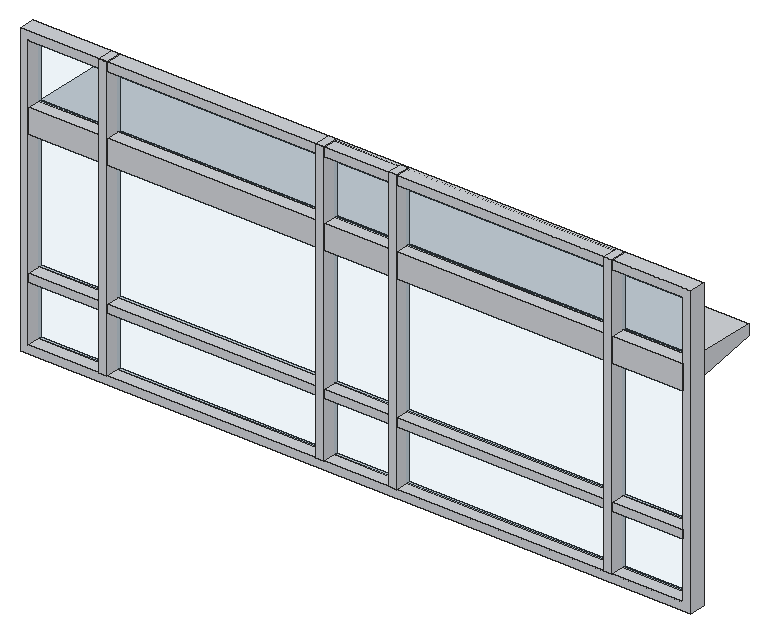
Revit family
Parameters (values of type "패밀리2")
  Assembly Code = ""
  Height = 2200 mm
  Default Sill Height = 800 mm
  Wall Closure = (empty or 0)
  Width = 5100 mm
Reference planes
  plane 1: y = 0
  plane 2 "Center (Left/Right)": x = 750
  plane 3 "Left": x = -1800
  plane 4 "Right": x = 3300
  plane 5 "Sill": z = 900
  plane 6 "Head": z = 3100
  plane 7 "Exterior": y = 75
  plane 8 "Interior": y = -75
  plane 9 "Slash": y = 45
  plane 10: x = -1200
  plane 11: x = 2700
  plane 12: x = 2700
  plane 13: x = -1200
  plane 14: x = 450
  plane 15: x = 4350
  plane 16: x = 1000
  plane 17: x = 4900
  plane 18: z = 1450
  plane 19: z = 2580
  plane 20 "glazing": y = 15
Forms (mm)
  Sweep 1, solid
    path origin (0, 75, 0) x (1, 0, 0) y (0, 0, 1)
      loop
        line (3300, 3100) -> (-1800, 3100) -> (-1800, 900) -> (3300, 900) -> (3300, 3100)
    profile origin (750, 75, 3100) x (0, 0, -1) y (0, -1, 0)
      loop
        line (0, 150) -> (0, 30) -> (60, 30) -> (60, 150) -> (0, 150)
  Extrusion 2, solid
    sketch origin (0, 0, 0) x (1, 0, 0) y (0, 1, 0)
      loop
        line (-1200, -75) -> (-1140, -75) -> (-1140, 45) -> (-1200, 45) -> (-1200, -75)
    from 960 to 3100
  Extrusion 3, solid
    sketch origin (1500, 0, 0) x (-1, 0, 0) y (0, -1, 0)
      loop
        line (-1200, 75) -> (-1200, -45) -> (-1140, -45) -> (-1140, 75) -> (-1200, 75)
    from 960 to 3100
  Extrusion 4, solid
    sketch origin (1650, 0, 0) x (1, 0, 0) y (0, 1, 0)
      loop
        line (-1200, -75) -> (-1140, -75) -> (-1140, 45) -> (-1200, 45) -> (-1200, -75)
    from 960 to 3100
  Extrusion 5, solid
    sketch origin (2200, 0, 0) x (1, 0, 0) y (0, 1, 0)
      loop
        line (-1200, -75) -> (-1140, -75) -> (-1140, 45) -> (-1200, 45) -> (-1200, -75)
    from 960 to 3100
  Extrusion 6, solid
    sketch origin (3300, 0, 0) x (0, -1, 0) y (0, 0, 1)
      loop
        line (75, 1450) -> (-45, 1450) -> (-45, 1390) -> (75, 1390) -> (75, 1450)
    from 60 to 5040
  Extrusion 7, solid
    sketch origin (3300, 0, 1130) x (0, -1, 0) y (0, 0, 1)
      loop
        line (75, 1450) -> (-45, 1450) -> (-45, 1270) -> (75, 1270) -> (75, 1450)
    from 60 to 5040
  Extrusion 8, solid, material "Glass"
    sketch origin (0, 15, 0) x (0, 0, -1) y (1, 0, 0)
      loop
        line (-3040, 3240) -> (-3040, 2700) -> (-2580, 2700) -> (-2580, 3240) -> (-3040, 3240)
      loop
        line (-2400, 3240) -> (-2400, 2700) -> (-1450, 2700) -> (-1450, 3240) -> (-2400, 3240)
      loop
        line (-1390, 3240) -> (-1390, 2700) -> (-960, 2700) -> (-960, 3240) -> (-1390, 3240)
      loop
        line (-3100, 2640) -> (-3100, 1060) -> (-2580, 1060) -> (-2580, 2640) -> (-3100, 2640)
      loop
        line (-2400, 2640) -> (-2400, 1060) -> (-1450, 1060) -> (-1450, 2640) -> (-2400, 2640)
      loop
        line (-1390, 2640) -> (-1390, 1060) -> (-960, 1060) -> (-960, 2640) -> (-1390, 2640)
      loop
        line (-3100, 1000) -> (-3100, 510) -> (-2580, 510) -> (-2580, 1000) -> (-3100, 1000)
      loop
        line (-2400, 1000) -> (-2400, 510) -> (-1450, 510) -> (-1450, 1000) -> (-2400, 1000)
      loop
        line (-1390, 1000) -> (-1390, 510) -> (-960, 510) -> (-960, 1000) -> (-1390, 1000)
      loop
        line (-3040, 450) -> (-3040, -1140) -> (-2580, -1140) -> (-2580, 450) -> (-3040, 450)
      loop
        line (-2400, 450) -> (-2400, -1140) -> (-1450, -1140) -> (-1450, 450) -> (-2400, 450)
      loop
        line (-1390, 450) -> (-1390, -1140) -> (-960, -1140) -> (-960, 450) -> (-1390, 450)
      loop
        line (-3040, -1200) -> (-3040, -1740) -> (-2580, -1740) -> (-2580, -1200) -> (-3040, -1200)
      loop
        line (-2400, -1200) -> (-2400, -1740) -> (-1450, -1740) -> (-1450, -1200) -> (-2400, -1200)
      loop
        line (-1390, -1200) -> (-1390, -1740) -> (-960, -1740) -> (-960, -1200) -> (-1390, -1200)
    from 0 to -12
  Extrusion 9, solid
    sketch origin (3300, 0, 300) x (0, -1, 0) y (0, 0, 1)
      loop
        line (-45, 2280) -> (-545, 2280) -> (-545, 2200) -> (-45, 2100) -> (-45, 2280)
    from 60 to 5040
Lines and regions (mm)
  Opening 1
    outline origin (3112.582, -75, 0) x (1, 0, 0) y (0, 0, 1)
      loop
        line (187.418, 900) -> (187.418, 3100) -> (-4912.582, 3100) -> (-4912.582, 900) -> (187.418, 900)
Text (mm)
  text "EXTERIOR" at (-1963.203, 1332.353, 0), in view "Ref. Level"
  text "INTERIOR" at (-1981.466, -818.386, 0), in view "Ref. Level"
  text "Exterior" at (0, 923.751, 2943.296), in view "Right"
  text "Exterior" at (0, 1040.484, 2685.409), in view "Left"
Dimensions and locks
  equal spacing: plane 3 "Left", plane 2 "Center (Left/Right)", plane 4 "Right"
  "Width": plane 3 "Left" to plane 4 "Right"
  "Height": plane 5 "Sill" to plane 6 "Head"
  plane 5 "Sill" to level = 900 mm
  locked: plane 7 "Exterior" to host wall at 0
  locked: plane 8 "Interior" to host wall
  plane 9 "Slash" to host wall = 30 mm
  locked: Sweep 1 sketch curve to Sweep 1 sketch curve at 60
  aligned and locked: host wall to Sweep 1 sketch curve  (x3)
  aligned and locked: Sweep 1 sketch curve to host wall  (x2)
  aligned and locked: Sweep 1 sketch curve to plane 9 "Slash"
  aligned and locked: plane 6 "Head" to Sweep 1 sketch curve
  aligned and locked: Extrusion 2 sketch curve to Sweep 1
  aligned and locked: Extrusion 2 sketch curve to host wall
  aligned and locked: host wall to Extrusion 6 sketch curve
  aligned and locked: Extrusion 6 sketch curve to plane 18
  aligned and locked: Sweep 1 to Extrusion 6 sketch curve
  aligned and locked: Extrusion 6 to Sweep 1  (x2)
  aligned and locked: Extrusion 7 sketch curve to plane 19
  aligned and locked: Extrusion 8 sketch curve to Sweep 1  (x2)
  aligned and locked: Extrusion 3 to Extrusion 8 sketch curve  (x4)
  aligned and locked: Extrusion 8 sketch curve to Extrusion 7  (x7)
  aligned and locked: Extrusion 8 sketch curve to Extrusion 3  (x3)
  aligned and locked: Extrusion 8 sketch curve to Extrusion 6  (x6)
  aligned and locked: Extrusion 8 sketch curve to Extrusion 5  (x4)
  aligned and locked: Extrusion 5 to Extrusion 8 sketch curve  (x4)
  aligned and locked: Extrusion 8 sketch curve to Extrusion 4  (x3)
  aligned and locked: Extrusion 4 to Extrusion 8 sketch curve
  aligned and locked: Extrusion 9 to Sweep 1
  aligned and locked: Sweep 1 to Extrusion 8 sketch curve  (x2)
  aligned: host wall to Extrusion 2
Automatic sketch dimensions
  Opening 1 sketch curve to plane 3 "Left" = 0 mm
  Opening 1 sketch curve to plane 4 "Right" = 0 mm
  Opening 1 sketch curve to plane 5 "Sill" = 0 mm
  Opening 1 sketch curve to plane 6 "Head" = 0 mm
  Extrusion 2 sketch curve to plane 10 = 0 mm
  Extrusion 2 sketch curve to Extrusion 2 sketch curve = 60 mm
  Extrusion 3 sketch curve to plane 12 = 0 mm
  Extrusion 3 sketch curve to host wall = 0 mm
  plane 12 to Extrusion 3 sketch curve = 60 mm
  host wall to Extrusion 3 sketch curve = 30 mm
  Extrusion 4 sketch curve to plane 14 = 0 mm
  Extrusion 4 sketch curve to host wall = 0 mm
  Extrusion 4 sketch curve to plane 14 = 60 mm
  Extrusion 4 sketch curve to host wall = 30 mm
  Extrusion 5 sketch curve to plane 16 = 0 mm
  Extrusion 5 sketch curve to host wall = 0 mm
  Extrusion 5 sketch curve to Extrusion 5 sketch curve = 60 mm
  Extrusion 5 sketch curve to host wall = 30 mm
  plane 18 to Extrusion 6 sketch curve = 60 mm
  Extrusion 7 sketch curve to host wall = 0 mm
  Extrusion 7 sketch curve to host wall = 30 mm
  Extrusion 7 sketch curve to Extrusion 7 sketch curve = 180 mm
  host wall to Extrusion 9 sketch curve = 470 mm
  Extrusion 9 sketch curve to host wall = 30 mm
  plane 6 "Head" to Extrusion 9 sketch curve = 700 mm
  Extrusion 9 sketch curve to Extrusion 9 sketch curve = 100 mm
  Extrusion 9 sketch curve to Extrusion 9 sketch curve = 80 mm
  Extrusion 8 sketch curve to plane 3 "Left" = 60 mm  (x3)
  Extrusion 8 sketch curve to Extrusion 8 sketch curve = 0 mm  (x8)
  Extrusion 8 sketch curve to Extrusion 8 sketch curve = 180 mm
  Extrusion 8 sketch curve to plane 5 "Sill" = 550 mm  (x2)
  Extrusion 8 sketch curve to Extrusion 8 sketch curve = 60 mm  (x6)
  Extrusion 8 sketch curve to plane 5 "Sill" = 60 mm  (x2)
  Extrusion 8 sketch curve to Extrusion 8 sketch curve = 540 mm
  Extrusion 8 sketch curve to plane 3 "Left" = 660 mm
